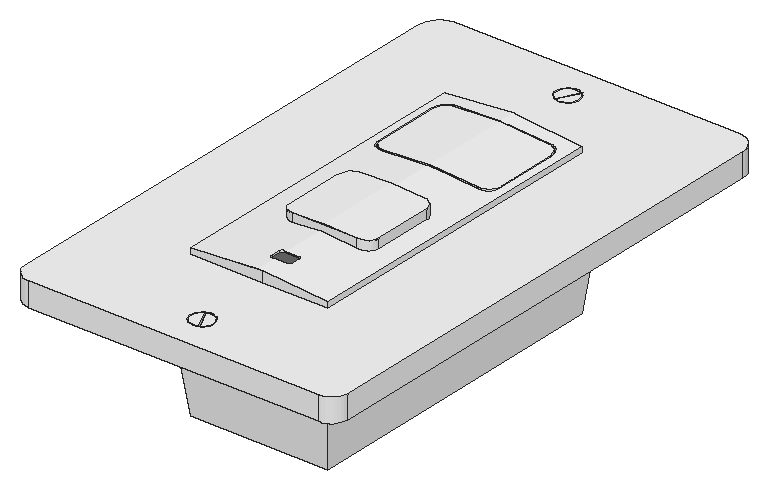
Revit family "1120A_LightHAWK2_Night_Light", category Communication Devices, host Face, Revit 2021
Family settings
  Host = Face
  Maintain Annotation Orientation = No
  Round Connector Dimension = Use Diameter
  Part Type = Normal
  OmniClass Number = 23.85.80.11.27
  OmniClass Title = Lighting Controls
  Cut with Voids When Loaded = No
  Shared = Yes
  Room Calculation Point = No
Parameters
  Warranty = "5-Years Warranty"  # constant formula
  Type Comments = "LightHAWK®2 Night Light PIR Wall Switch Sensor"  # constant formula
  Product Page URL = ""
  Product Documentation Link = ""
  URL = "https://www.currentlighting.com/nxlightingcontrols"
  Model = "Wall Switch Occupancy Sensors\r"  # constant formula
  Manufacturer = " NX Lighting Controls"  # constant formula
  Width = 2.75"
  Features = "Digital passive infrared (PIR) sensor \r\nIntelliDAPT self-adaptive technology—no manual adjustment required\r\n1 Relay model for single-level switching  \r\nOccupancy (auto-on) and Vacancy (manual-on) operating modes \r\nNight Light mounted under lens \r\n 1,000 square-foot, 180° coverage area \r\nRhinoTuff™ vandal resistant lens \r\n120/277VAC operation \r\n No minimum load requirement\r\nZero Arc Point Switching \r\nFive-year limited warranty \r\n120-277 Vac and 347 Vac models\r\n"  # constant formula
  Black = Paint - Carbon Black
  Height = 4.50"
  White = Paint -  Matte White
  Description = "LightHAWK®2 Night Light PIR Wall Switch Sensor\r"  # constant formula
  Default Elevation = 48.00"
  Copyright = "Copyright © NX Lighting Controls"  # constant formula
  Contact Us = ""
  Assembly Code = "D5090"
Reference planes (in)
  plane 1 "Center (Front/Back)": y = 13.01342
  plane 2: z = 0
  plane 3 "Center (Left/Right)": x = 0
  plane 4: x = -1.375
  plane 5: x = 1.375
  plane 6: y = 15.26342
  plane 7: y = 10.76342
  plane 8: z = -1.35
  plane 9: z = 0.3
Forms (in)
  Extrusion 1, solid, material "Paint -  Matte White" <- "White"
    sketch origin (0, 0, -0.5) x (1, 0, 0) y (0, 1, 0)
      loop
        arc (-1.17464, 15.26342) -> (-1.31632, 15.20473) -> (-1.375, 15.06306) r 0.20036
        line (-1.375, 15.06306) -> (-1.375, 10.91856)
        arc (-1.375, 10.91856) -> (-1.32956, 10.80886) -> (-1.21986, 10.76342) r 0.15514
        line (-1.21986, 10.76342) -> (1.23768, 10.76342)
        arc (1.23768, 10.76342) -> (1.33478, 10.80364) -> (1.375, 10.90074) r 0.13732
        line (1.375, 10.90074) -> (1.375, 15.08233)
        arc (1.375, 15.08233) -> (1.32196, 15.21038) -> (1.19391, 15.26342) r 0.18109
        line (1.19391, 15.26342) -> (-1.17464, 15.26342)
    from 0.6 to 0.4
  Extrusion 2, solid, material "Paint -  Matte White" <- "White"
    sketch origin (0, 0, 0) x (1, 0, 0) y (0, 1, 0)
      loop
        line (-0.61252, 14.41205) -> (-0.61252, 11.71709) -> (0, 11.71709) -> (0.55202, 11.71709) -> (0.55202, 14.41205) -> (0, 14.41205) -> (-0.61252, 14.41205)
    from 0.23534 to 0.1
  Extrusion 3, solid, material "Paint -  Matte White" <- "White"
    sketch origin (0, -0.15625, -0.15625) x (1, 0, 0) y (0, 1, 0)
      loop
        arc (-0.28095, 13.23703) -> (-0.35166, 13.20774) -> (-0.38095, 13.13703) r 0.1
        line (-0.38095, 13.13703) -> (-0.38095, 12.63877)
        arc (-0.38095, 12.63877) -> (-0.35045, 12.56515) -> (-0.27683, 12.53465) r 0.10412
        line (-0.27683, 12.53465) -> (0.27141, 12.53465)
        arc (0.27141, 12.53465) -> (0.34334, 12.56445) -> (0.37313, 12.63637) r 0.10172
        line (0.37313, 12.63637) -> (0.37313, 13.14188)
        arc (0.37313, 13.14188) -> (0.34527, 13.20916) -> (0.27799, 13.23703) r 0.09515
        line (0.27799, 13.23703) -> (-0.28095, 13.23703)
    from 0.41734 to 0.3
  Extrusion 4, void
    sketch origin (0, 13.01342, -0.15625) x (1, 0, 0) y (0, 0, 1)
      loop
        line (-0.68234, 0.93634) -> (-0.68234, 0.33634)
        arc (-0.68234, 0.33634) -> (0.00087, 0.41153) -> (0.68408, 0.33634) r 3.14149
        line (0.68408, 0.33634) -> (0.68408, 0.93634) -> (-0.68234, 0.93634)
    from 0.63502 to -0.22916
  Extrusion 5, void
    sketch origin (0, 13.01342, 0) x (1, 0, 0) y (0, 0, 1)
      loop
        line (-0.80064, 0.50032) -> (-0.80064, 0.11093)
        arc (-0.80064, 0.11093) -> (-0.03604, 0.19217) -> (0.72866, 0.11196) r 3.66183
        line (0.72866, 0.11196) -> (0.72866, 0.50032) -> (-0.80064, 0.50032)
    from 1.29633 to -1.39863
  Extrusion 6, void
    sketch origin (0, 0, 0) x (1, 0, 0) y (0, 1, 0)
      loop
        arc (-0.05987, 12.01342) -> (-0.07481, 12.00723) -> (-0.081, 11.99229) r 0.02113
        line (-0.081, 11.99229) -> (-0.081, 11.91253)
        arc (-0.081, 11.91253) -> (-0.0748, 11.89755) -> (-0.05983, 11.89135) r 0.02118
        line (-0.05983, 11.89135) -> (0.07098, 11.89135)
        arc (0.07098, 11.89135) -> (0.08505, 11.89718) -> (0.09087, 11.91124) r 0.01989
        line (0.09087, 11.91124) -> (0.09087, 11.99218)
        arc (0.09087, 11.99218) -> (0.08465, 12.0072) -> (0.06964, 12.01342) r 0.02123
        line (0.06964, 12.01342) -> (-0.05987, 12.01342)
    from 0.2 to 0.18
  Extrusion 7, void
    sketch origin (0, 0, 0) x (1, 0, 0) y (0, 1, 0)
      loop
        arc (-0.42247, 14.26887) -> (-0.49318, 14.23958) -> (-0.52247, 14.16887) r 0.1
        line (-0.52247, 14.16887) -> (-0.52247, 13.61887)
        arc (-0.52247, 13.61887) -> (-0.49318, 13.54816) -> (-0.42247, 13.51887) r 0.1
        line (-0.42247, 13.51887) -> (0.37753, 13.51887)
        arc (0.37753, 13.51887) -> (0.44824, 13.54816) -> (0.47753, 13.61887) r 0.1
        line (0.47753, 13.61887) -> (0.47753, 14.16887)
        arc (0.47753, 14.16887) -> (0.44824, 14.23958) -> (0.37753, 14.26887) r 0.1
        line (0.37753, 14.26887) -> (-0.42247, 14.26887)
      loop
        arc (-0.43247, 14.27887) -> (-0.50318, 14.24958) -> (-0.53247, 14.17887) r 0.1
        line (-0.53247, 14.17887) -> (-0.53247, 13.60887)
        arc (-0.53247, 13.60887) -> (-0.50318, 13.53816) -> (-0.43247, 13.50887) r 0.1
        line (-0.43247, 13.50887) -> (0.38753, 13.50887)
        arc (0.38753, 13.50887) -> (0.45824, 13.53816) -> (0.48753, 13.60887) r 0.1
        line (0.48753, 13.60887) -> (0.48753, 14.17887)
        arc (0.48753, 14.17887) -> (0.45824, 14.24958) -> (0.38753, 14.27887) r 0.1
        line (0.38753, 14.27887) -> (-0.43247, 14.27887)
    from 0.31907 to 0.14375
  Blend 8, solid, material "Paint -  Matte White" <- "White"
    base sketch origin (0, 0, 0) x (1, 0, 0) y (0, 1, 0)
      loop
        line (-0.73509, 14.56519) -> (-0.73509, 11.56519) -> (0.66835, 11.56519) -> (0.66835, 14.56519) -> (-0.73509, 14.56519)
    top sketch origin (0, 0, 0) x (1, 0, 0) y (0, 1, 0)
      loop
        line (-0.61252, 14.41205) -> (-0.61252, 11.71709) -> (0.55202, 11.71709) -> (0.55202, 14.41205) -> (-0.61252, 14.41205)
    from 0 to -1.12608
  Extrusion 9, void
    sketch origin (0, 0, 0) x (1, 0, 0) y (0, 1, 0)
      loop
        circle (0, 14.95128) r 0.10261
      loop
        line (-0.04374, 14.86965) -> (0.03905, 15.03525)
        arc (0.03905, 15.03525) -> (-0.08283, 14.99269) -> (-0.04374, 14.86965) r 0.09261
      loop
        arc (-0.03062, 14.86389) -> (0.08283, 14.90987) -> (0.05154, 15.02822) r 0.09261
        line (0.05154, 15.02822) -> (-0.03062, 14.86389)
    from 0.1 to 0.09
  Extrusion 10, void
    sketch origin (0, 26.02684, 0) x (1, 0, 0) y (0, 1, 0)
      loop
        circle (0, -14.95128) r 0.10261
      loop
        arc (-0.04374, -14.86965) -> (-0.08283, -14.99269) -> (0.03905, -15.03525) r 0.09261
        line (0.03905, -15.03525) -> (-0.04374, -14.86965)
      loop
        line (-0.03062, -14.86389) -> (0.05154, -15.02822)
        arc (0.05154, -15.02822) -> (0.08283, -14.90987) -> (-0.03062, -14.86389) r 0.09261
    from 0.1 to 0.09
Cuts and joins
  Extrusion 4 cuts Extrusion 3
  Extrusion 5, Extrusion 6, Extrusion 9, Extrusion 10 cuts Extrusion 1
  Extrusion 5, Extrusion 6, Extrusion 7, Extrusion 10 cuts Extrusion 2
  joined: Extrusion 1, Extrusion 2
Dimensions and locks (in)
  plane 2 to plane 8 = 1.35"
  "Width": plane 4 to plane 5
  equal spacing: plane 4, plane 3 "Center (Left/Right)", plane 5
  "Height": plane 7 to plane 6
  equal spacing: plane 7, plane 1 "Center (Front/Back)", plane 6
  plane 9 to plane 8 = 1.65"
  aligned and locked: plane 2 to host face
  aligned and locked: level to host face
  aligned and locked: cut or joined group of Extrusion 1, Extrusion 2, Extrusion 5, Extrusion 6, Extrusion 7, Extrusion 9, Extrusion 10 to Extrusion 9
Automatic sketch dimensions
  host sketch curve to host sketch curve = 96.00"  (x2)
  Extrusion 1 sketch curve to plane 4 = 0.00"
  plane 7 to Extrusion 1 sketch curve = 0.00"
  plane 6 to Extrusion 1 sketch curve = 0.00"
  Extrusion 1 sketch curve to plane 5 = 0.00"
  plane 4 to Extrusion 1 sketch curve = 0.15514"
  plane 4 to Extrusion 1 sketch curve = 0.20036"
  Extrusion 1 sketch curve to Extrusion 1 sketch curve = 0.18109"
  Extrusion 1 sketch curve to plane 5 = 0.13732"
  Extrusion 2 sketch curve to plane 3 "Center (Left/Right)" = 0.00"  (x2)
  Extrusion 2 sketch curve to plane 3 "Center (Left/Right)" = 0.61252"
  Extrusion 2 sketch curve to Extrusion 2 sketch curve = 0.55202"
  Extrusion 2 sketch curve to plane 7 = 0.95367"
  plane 6 to Extrusion 2 sketch curve = 0.85137"
  Extrusion 3 sketch curve to plane 3 "Center (Left/Right)" = 0.38095"
  plane 1 "Center (Front/Back)" to Extrusion 3 sketch curve = 0.03264"
  Extrusion 3 sketch curve to Extrusion 3 sketch curve = 0.10"
  Extrusion 3 sketch curve to Extrusion 3 sketch curve = 0.10412"
  plane 3 "Center (Left/Right)" to Extrusion 3 sketch curve = 0.27141"
  plane 1 "Center (Front/Back)" to Extrusion 3 sketch curve = 0.02779"
  plane 3 "Center (Left/Right)" to Extrusion 3 sketch curve = 0.27799"
  Extrusion 3 sketch curve to Extrusion 3 sketch curve = 0.49825"
  plane 9 to Extrusion 4 sketch curve = 0.11991"
  Extrusion 4 sketch curve to plane 3 "Center (Left/Right)" = 0.68234"
  plane 3 "Center (Left/Right)" to Extrusion 4 sketch curve = 0.00087"
  plane 3 "Center (Left/Right)" to Extrusion 4 sketch curve = 0.68408"
  plane 8 to Extrusion 4 sketch curve = 1.53622"
  Extrusion 4 sketch curve to plane 9 = 0.48009"
  Extrusion 4 sketch curve to Extrusion 4 sketch curve = 0.00"
  level to Extrusion 5 sketch curve = 0.11093"
  plane 4 to Extrusion 5 sketch curve = 0.57436"
  Extrusion 5 sketch curve to plane 3 "Center (Left/Right)" = 0.03357"
  level to Extrusion 5 sketch curve = 0.11196"
  plane 3 "Center (Left/Right)" to Extrusion 5 sketch curve = 0.72866"
  Extrusion 5 sketch curve to plane 9 = 0.20032"
  Extrusion 6 sketch curve to plane 3 "Center (Left/Right)" = 0.081"
  Extrusion 6 sketch curve to Extrusion 6 sketch curve = 0.02113"
  Extrusion 6 sketch curve to Extrusion 6 sketch curve = 0.02118"
  plane 3 "Center (Left/Right)" to Extrusion 6 sketch curve = 0.06964"
  plane 3 "Center (Left/Right)" to Extrusion 6 sketch curve = 0.07098"
  Extrusion 6 sketch curve to Extrusion 6 sketch curve = 0.01989"
  plane 1 "Center (Front/Back)" to Extrusion 6 sketch curve = 1.12207"
  Extrusion 6 sketch curve to Extrusion 6 sketch curve = 0.08094"
  Extrusion 7 sketch curve to plane 3 "Center (Left/Right)" = 0.53247"
  Extrusion 7 sketch curve to Extrusion 7 sketch curve = 0.01"  (x8)
  Extrusion 7 sketch curve to Extrusion 7 sketch curve = 0.10"
  Extrusion 7 sketch curve to Extrusion 7 sketch curve = 0.09"  (x2)
  plane 3 "Center (Left/Right)" to Extrusion 7 sketch curve = 0.37753"  (x2)
  Extrusion 7 sketch curve to plane 1 "Center (Front/Back)" = 0.49545"
  Extrusion 7 sketch curve to Extrusion 7 sketch curve = 0.55"
  plane 4 to Blend 8 sketch curve = 0.63991"
  plane 3 "Center (Left/Right)" to Blend 8 sketch curve = 0.66835"
  Blend 8 sketch curve to plane 7 = 0.80177"
  plane 6 to Blend 8 sketch curve = 0.69823"
  Blend 8 sketch curve to plane 3 "Center (Left/Right)" = 0.61252"
  plane 3 "Center (Left/Right)" to Blend 8 sketch curve = 0.55202"
  Blend 8 sketch curve to plane 7 = 0.95367"
  plane 6 to Blend 8 sketch curve = 0.85137"
  Extrusion 9 sketch curve to Extrusion 9 sketch curve = 0.00"  (x6)
  Extrusion 9 sketch curve to plane 3 "Center (Left/Right)" = 0.00"
  Extrusion 9 sketch curve to plane 3 "Center (Left/Right)" = 0.03062"
  Extrusion 9 sketch curve to Extrusion 9 sketch curve = 0.01311"
  plane 3 "Center (Left/Right)" to Extrusion 9 sketch curve = 0.03905"
  Extrusion 9 sketch curve to Extrusion 9 sketch curve = 0.01249"
  plane 6 to Extrusion 9 sketch curve = 0.39953"
  Extrusion 9 sketch curve to Extrusion 9 sketch curve = 0.00577"
  Extrusion 9 sketch curve to Extrusion 9 sketch curve = 0.08163"
  Extrusion 10 sketch curve to Extrusion 10 sketch curve = 0.00"  (x6)
  Extrusion 10 sketch curve to plane 3 "Center (Left/Right)" = 0.00"
  plane 3 "Center (Left/Right)" to Extrusion 10 sketch curve = 0.03062"
  Extrusion 10 sketch curve to Extrusion 10 sketch curve = 0.01311"
  Extrusion 10 sketch curve to plane 3 "Center (Left/Right)" = 0.03905"
  Extrusion 10 sketch curve to Extrusion 10 sketch curve = 0.01249"
  plane 7 to Extrusion 10 sketch curve = 0.39953"
  Extrusion 10 sketch curve to Extrusion 10 sketch curve = 0.00577"
  Extrusion 10 sketch curve to Extrusion 10 sketch curve = 0.08163"
  radius of Extrusion 9 sketch curve = 0.10261"
  radius of Extrusion 10 sketch curve = 0.10261"
Connectors (in)
  electrical at (0.00464, 13.0023, 0.1)
    settings: on cut or joined group of Extrusion 1, Extrusion 2, Extrusion 5, Extrusion 6, Extrusion 7, Extrusion 9, Extrusion 10, index 1, voltage 0 V, apparent load 0 VA, apparent load phase1 0 VA, apparent load phase2 0 VA, apparent load phase3 0 VA, power factor 1, load classification "Other", number of poles 1, system type 14, power factor state 1, is connector primary yes, connector utility no, sub classification motor no, connector description "Wall Switch Occupancy Sensors"
